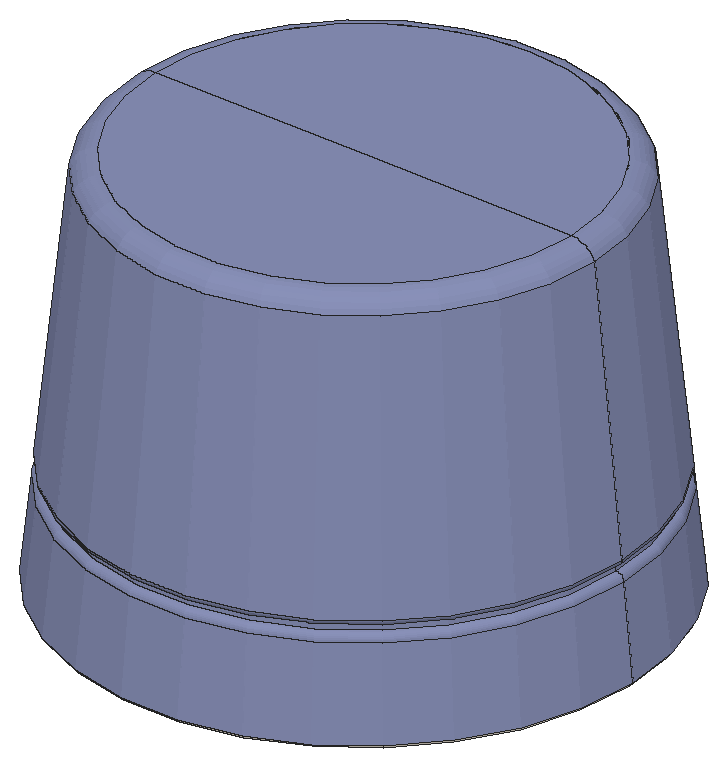
Revit family "Haworth_BuzziBalance_SmallPouf", category Furniture, Revit 2018
Family settings
  OmniClass Number = 23.40.70.14.64.21
  OmniClass Title = Systems Furniture
  Work Plane-Based = No
  Always vertical = Yes
  Cut with Voids When Loaded = No
  Shared = No
  Room Calculation Point = No
Parameters (values of type "HCBZ-BAP2-2 - High")
  Warranty = "http://www.haworth.com/resources/product-info/warranties"
  Upholstery Finish [instance] = Haworth _ Fabric _ Kvadrat Hero_BHR-751
  URL - Product = "https://www.haworth.com/products/seating/acoustic-seating/buzzibalance"
  URL = "http://www.haworth.com/our-brands/haworth-collection"
  Size = "Verify Final Dim. w/ Haworth"  # constant formula
  Revision Number = "1"  # constant formula
  Radius = Actual Width / 2  # 11.02539"
  Model = "HCBZ-BAP"  # constant formula
  Manufacturer = "Haworth"  # constant formula
  Low = not(High)  # no
  High = yes
  Description = "Haworth BuzziBalance High Small Pouf"
  Base Finish = Haworth _ Wood _ Collection _ Ash Natural
  Author = "Haworth (Alias)"  # constant formula
  Assembly Code = "E2020200"
  Actual Width = 22.05078"  # constant formula
  Actual Height = if(High, 18.30859", 14.96094")  # 18.30859"
  Actual Depth = 22.05078"  # constant formula
Types (2): name | Low | High | Description | Actual Height
  HCBZ-BAP1-2 - Low | yes | no | "Haworth BuzziBalance Low Small Pouf" | 14.96094"
  HCBZ-BAP2-2 - High | no | yes | "Haworth BuzziBalance High Small Pouf" | 18.30859"
Reference planes (in)
  plane 1: z = 0
  plane 2 "Left": x = 1.22461
  plane 3 "Back": y = -0.07422
  plane 4 "Front": y = -22.125
  plane 5 "Top": z = 18.30859
  plane 6 "Right": x = 23.27539
  plane 7 "Base Top": z = 2.75
  plane 8 "Center LR": x = 12.25
  plane 9 "Center FB": y = -11.09961
  plane 10 "Right Angle": through (23.27539, -180, 2.75) normal (-0.9945, 0, -0.1045)
  plane 11 "Left Angle": through (1.22461, -180, 2.75) normal (-0.9945, 0, 0.1045)
  plane 12 "Middle Base": z = 2.625
Forms (in)
  Revolve 1, solid, material "Haworth _ Fabric _ Kvadrat Hero_BHR-751" <- "Upholstery Finish"
    sketch origin (0, -11.09961, 0) x (-1, 0, 0) y (0, 0, 1)
      loop
        line (-23.27539, 2.75) -> (-12.25, 2.75) -> (-12.25, 18.30859) -> (-20.7745, 18.30859)
        arc (-20.7745, 18.30859) -> (-21.34201, 18.13145) -> (-21.70798, 17.66292) r 0.99762
        line (-21.70798, 17.66292) -> (-22.81952, 7.0873)
        arc (-22.81952, 7.0873) -> (-22.75341, 6.9277) -> (-22.59381, 6.86159) r 0.22571
        line (-22.59381, 6.86159) -> (-22.59381, 6.62922)
        arc (-22.59381, 6.62922) -> (-22.8102, 6.53959) -> (-22.89983, 6.3232) r 0.30602
        line (-22.89983, 6.3232) -> (-23.27539, 2.75)
      axis (-12.25, 18.30859) -> (-12.25, 2.75)
    angle from 0 to 360
  Revolve 2, solid, material "Haworth _ Wood _ Collection _ Ash Natural" <- "Base Finish"
    sketch origin (0, -11.09961, 0) x (-1, 0, 0) y (0, 0, 1)
      loop
        line (-12.25, 0) -> (-12.25, 2.75) -> (-23.17443, 2.75) -> (-23.17443, 2.625)
        arc (-23.17443, 2.625) -> (-17.87461, 0.63667) -> (-12.25, 0) r 23.0494
      axis (-12.25, 2.75) -> (-12.25, 0)
    angle from 0 to 360
Lines and regions (in)
  Masking region 1
    outline origin (0, 0, 0) x (1, 0, 0) y (0, 1, 0)
      loop
        circle (12.25, -11.09961) r 11.02539
Dimensions and locks (in)
  "Actual Depth": plane 3 "Back" to plane 4 "Front"
  equal spacing: plane 4 "Front", plane 9 "Center FB", plane 3 "Back"
  equal spacing: plane 2 "Left", plane 8 "Center LR", plane 6 "Right"
  "Actual Width": plane 2 "Left" to plane 6 "Right"
  "Actual Height": plane 5 "Top" to plane 1
  locked: plane 6 "Right" to Revolve 2 sketch curve at 0.10096
  "Radius": radius of Masking region 1 sketch curve
  aligned and locked: Revolve 1 sketch curve to plane 5 "Top"
  aligned and locked: plane 8 "Center LR" to Revolve 1 sketch curve
  aligned and locked: plane 7 "Base Top" to Revolve 1 sketch curve
  aligned and locked: plane 10 "Right Angle" to Revolve 1 sketch curve  (x2)
  aligned and locked: Revolve 1 sketch curve to plane 8 "Center LR"
  aligned and locked: Revolve 2 sketch curve to plane 8 "Center LR"  (x2)
  aligned and locked: plane 7 "Base Top" to Revolve 2 sketch curve
  aligned and locked: plane 1 to Revolve 2 sketch curve
  aligned and locked: plane 9 "Center FB" to Masking region 1 sketch curve
  aligned and locked: plane 8 "Center LR" to Masking region 1 sketch curve
Automatic sketch dimensions
  Revolve 1 sketch curve to plane 6 "Right" = 0.37556"
  Revolve 1 sketch curve to plane 6 "Right" = 0.45587"
  Revolve 1 sketch curve to Revolve 1 sketch curve = 0.22571"
  Revolve 1 sketch curve to plane 5 "Top" = 0.99762"
  Revolve 1 sketch curve to plane 5 "Top" = 0.64568"
  Revolve 1 sketch curve to level = 5.03906"
  plane 5 "Top" to Revolve 1 sketch curve = 6.00"
  Revolve 2 sketch curve to plane 12 "Middle Base" = 0.00"
  plane 8 "Center LR" to Revolve 2 sketch curve = 0.23941"
  Revolve 2 sketch curve to Revolve 2 sketch curve = 8.75"
  Revolve 2 sketch curve to plane 5 "Top" = 6.80859"
